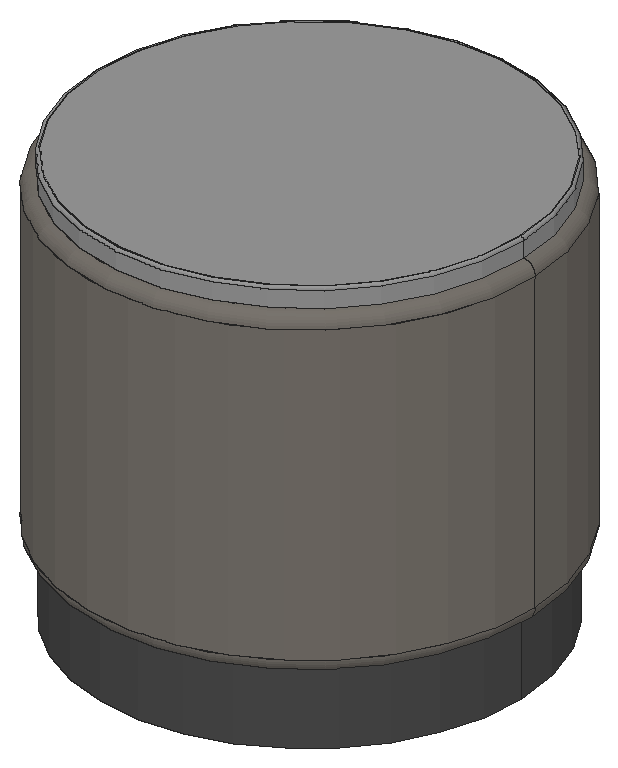
Revit family "970T Pouf Stool Lam Top", category Generic Models, Revit 2018
Family settings
  Can host rebar = No
  Round Connector Dimension = Use Diameter
  Part Type = Normal
  Work Plane-Based = No
  Always vertical = Yes
  Cut with Voids When Loaded = No
  Shared = No
  Room Calculation Point = No
Parameters
  Surface = 970T Surface
  Fabric = 970T Fabric
  Edgeband = 970T Edgeband
Reference planes (in)
  plane 1 "Center (Front/Back)": y = 0
  plane 2: z = 0
  plane 3 "Center (Left/Right)": x = 0
Forms (in)
  Revolve 1, solid, material "970T Fabric" <- "Fabric"
    sketch origin (0, 0, -0.03765) x (1, 0, 0) y (0, 0, 1)
      loop
        line (0, 3.18765) -> (8.43803, 3.18765)
        arc (8.43803, 3.18765) -> (8.81275, 3.34287) -> (8.96796, 3.71759) r 0.52994
        line (8.96796, 3.71759) -> (8.96796, 15.47334)
        arc (8.96796, 15.47334) -> (8.82152, 15.8269) -> (8.46796, 15.97334) r 0.5
        line (8.46796, 15.97334) -> (0, 15.97334) -> (0, 3.18765)
      axis (0, 15.97334) -> (0, 3.18765)
    angle from 0 to 360
  Revolve 2, solid, material "970T Base"
    sketch origin (0, 0, -0.03765) x (1, 0, 0) y (0, 0, 1)
      loop
        line (0, 3.18765) -> (0, 0.28765) -> (8.43803, 0.28765) -> (8.43803, 3.18765) -> (0, 3.18765)
      axis (0, 3.18765) -> (0, 0.28765)
    angle from 0 to 360
  Revolve 3, solid, material "970T Gliders"
    sketch origin (0, 0, -0.03765) x (1, 0, 0) y (0, 0, 1)
      loop
        arc (-7.5, 0.03764) -> (-7.29589, 0.10746) -> (-7.1773, 0.28765) r 0.33326
        line (-7.1773, 0.28765) -> (-7.5, 0.28765) -> (-7.5, 0.03764)
      axis (-7.5, 0.03764) -> (-7.5, 0.28765)
    angle from 0 to 360
  Revolve 4, solid, material "970T Gliders"
    sketch origin (0, 0, -0.03765) x (-1, 0, 0) y (0, 0, 1)
      loop
        arc (-7.5, 0.03764) -> (-7.29589, 0.10746) -> (-7.1773, 0.28765) r 0.33326
        line (-7.1773, 0.28765) -> (-7.5, 0.28765) -> (-7.5, 0.03764)
      axis (-7.5, 0.03764) -> (-7.5, 0.28765)
    angle from 0 to 360
  Revolve 5, solid, material "970T Gliders"
    sketch origin (0, 0, -0.03765) x (0, -1, 0) y (0, 0, 1)
      loop
        arc (-7.5, 0.03764) -> (-7.29589, 0.10746) -> (-7.1773, 0.28765) r 0.33326
        line (-7.1773, 0.28765) -> (-7.5, 0.28765) -> (-7.5, 0.03764)
      axis (-7.5, 0.03764) -> (-7.5, 0.28765)
    angle from 0 to 360
  Revolve 6, solid, material "970T Gliders"
    sketch origin (0, 0, -0.03765) x (0, 1, 0) y (0, 0, -1)
      loop
        line (-7.5, -0.03764) -> (-7.5, -0.28765) -> (-7.1773, -0.28765)
        arc (-7.1773, -0.28765) -> (-7.29589, -0.10746) -> (-7.5, -0.03764) r 0.33326
      axis (-7.5, -0.03764) -> (-7.5, -0.28765)
    angle from 0 to 360
  Extrusion 7, solid, material "970T Surface" <- "Surface"
    sketch origin (0, 0, 0) x (1, 0, 0) y (0, 1, 0)
      loop
        circle (-0.00083, 0) r 8.375
    from 15.93569 to 16.68569
  Sweep 8, solid, material "970T Edgeband" <- "Edgeband"
    path origin (0, 0, 0) x (1, 0, 0) y (0, 1, 0)
      loop
        circle (-0.00083, 0) r 8.375
    profile origin (-0.00083, 8.375, 0) x (0, -1, 0) y (0, 0, 1)
      loop
        line (-0.125, 15.93569) -> (-0.00751, 15.93569) -> (-0.00751, 16.68569)
        arc (-0.00751, 16.68569) -> (-0.09059, 16.65128) -> (-0.125, 16.5682) r 0.11749
        line (-0.125, 16.5682) -> (-0.125, 15.93569)
Lines and regions (in)
  symbolic lines
    curve 1: line (0, 17.25, 0) -> (0, 17.25, 16.68569)
    curve 2: line (0, 17.25, 16.68569) -> (0, -14.25, 16.68569)
Dimensions and locks (in)
  aligned and locked: plane 2 to level
